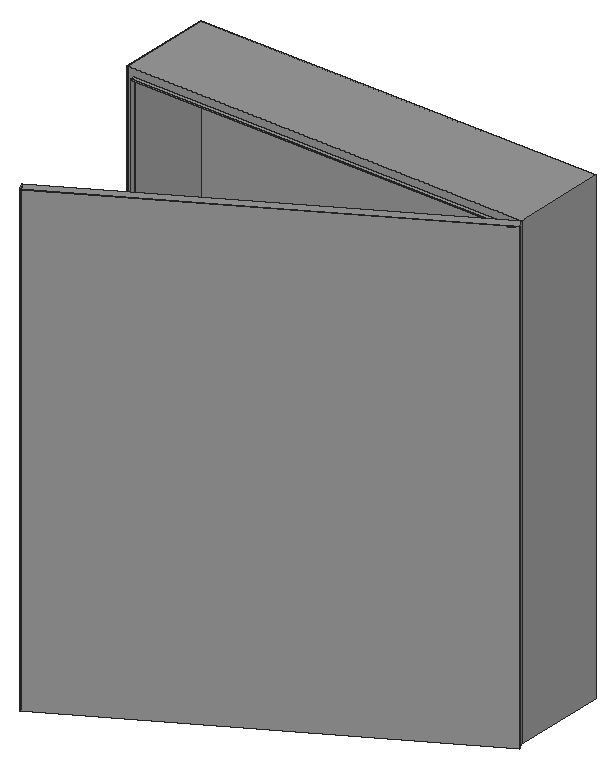
Revit family "Hager-Univers-IP54-D205-H950-Cl.II-Encl-NoHosted-CH-en", category Equipement électrique, Revit 2020
Family settings
  Configuration du panneau = Deux colonnes, circuits au sein
  Cote de connecteur circulaire = Utiliser le diamètre
  Type d'élément = Tableau de raccordement
  Basée sur le plan de construction = Oui
  Toujours verticalement = Oui
  Couper avec des vides une fois chargée = Non
  Partagée = Non
  Point de calcul de pièce = Non
Parameters (values of type "Surface mounted (plaster) IP54 W800 H950 D205  - FP63QSW")
  Width Control [instance] = if([EF000008 - Width] > Min Width, [EF000008 - Width], Min Width)  # 800 mm
  Commentaires du type = [HG000003 - Range]  # "Univers"
  Thickness Door [instance] = if([EF009171 - Material plate thickness door/cover] > 3 mm, 3 mm, [EF009171 - Material plate thickness door/cover])  # 1 mm
  Seal Frame Offset [instance] = 17 mm  # constant formula
  Plinth Visibility [instance] = [HG000027 - Plinth height] > 0 mm  # no
  Min Width [instance] = 100 mm  # constant formula
  Min Depth [instance] = (2 * [EF009170 - Material plate thickness cabinet]) + 1 mm  # 3 mm
  Min Height [instance] = 100 mm  # constant formula
  Internal Frame Depth [instance] = (Door System Depth * 0.5)  # 9 mm
  Panel Name [instance] = ""  # (empty or 0)
  Model = ""
  HG000027 - Plinth height = 0 mm
  HG000026 - Floor standing = no
  HG000024 - Bottom section height = 600 mm
  HG000023 - Double section enclosure = no
  HG000016 - Door 3d visibility [instance] = yes
  HG000015 - Clearance visibility [instance] = no
  HG000014 - Door on the right [instance] = yes
  HG000013 - Door on the left [instance] = not([HG000014 - Door on the right])  # no
  HG000012 - Door swing angle [instance] = 30.00°
  HG000010 - Asymmetric doors = no
  HG000009 - Double swing door = no
  HG000006 - Flush mounted = no
  HG000004 - Manufacturer reference = "FP63QSW"
  HG000003 - Range = "Univers"
  HG000002 - With door or cover = yes
  Frame Offset Bottom [instance] = 10 mm  # constant formula
  Frame Offset [instance] = 15 mm  # constant formula
  EF015940 - Cover with overpressure release = no
  EF011959 - Degree of protection (NEMA) = ""
  EF009554 - Number of openings for flange plates = 6
  EF009212 - Cover model = "EV000116 - Closed"
  EF009171 - Material plate thickness door/cover = 1 mm
  EF009170 - Material plate thickness cabinet = 1 mm
  EF008873 - Nominal current (In) = 250 A
  EF007800 - Suitable for lightning protection = no
  EF006306 - With lock = no
  EF006244 - Transparent cover/door = no
  EF005474 - Degree of protection (IP) = "EV006419 - IP54"
  EF004464 - Type of door = "EV002646 - Single"
  EF004427 - Number of modules = 216
  EF004293 - Impact strength = "EV006815 - IK09"
  EF003532 - Suitable for outdoor use = no
  EF002950 - Width in number of modular spacings = 36
  EF001613 - Circuit integrity = "EV000494 - None"
  EF001596 - Material housing = "EV000179 - Steel"
  EF001131 - Internal depth = 143 mm
  EF001088 - Extension possible = yes
  EF000437 - Number of conduit inlets = 6
  EF000339 - Type of cover = "EV001012 - Cover"
  EF000266 - Number of rows = 6
  EF000218 - Built-in depth = 0 mm
  EF000118 - With mounting plate = no
  EF000116 - RAL-number = "9010"
  EF000049 - Depth = 205 mm
  EF000040 - Height = 950 mm
  EF000008 - Width = 800 mm
  EF000007 - Colour = "EV000202 - White"
  EF000003 - Mounting method = "EV000384 - Surface mounted (plaster)"
  Door System Leaf Tolerance [instance] = 1.5 mm  # constant formula
  Door System Depth [instance] = 18 mm  # constant formula
  Door Height [instance] = Height Control - [HG000027 - Plinth height]  # 950 mm
  Description = ""
  Default Elevation = 1219.2 mm
  Connector Offset [instance] = Height Control / 2  # 475 mm
  Fabricant = "Hager"  # constant formula
  Height Control [instance] = if([EF000040 - Height] > Min Height, [EF000040 - Height], Min Height)  # 950 mm
  Depth Control [instance] = if([EF000049 - Depth] > Min Depth, [EF000049 - Depth], Min Depth)  # 205 mm
  Bottom Top Plate Trim [instance] = 1.5 mm  # constant formula
  Plinth height Ctrl [instance] = if([HG000027 - Plinth height] > 0 mm, [HG000027 - Plinth height], 12 mm)  # 12 mm
Types (5, lengths in mm): name | Width Control | HG000010 - Asymmetric doors | HG000009 - Double swing door | HG000004 - Manufacturer reference | EF009554 - Number of openings for flange plates | EF004464 - Type of door | EF004427 - Number of modules | EF002950 - Width in number of modular spacings | EF001131 - Internal depth | EF000437 - Number of conduit inlets | EF000339 - Type of cover | EF000008 - Width
  Surface mounted (plaster) IP54 W1050 H950 D205  - FP64QSW | 1050 | no | no | "FP64QSW" | 8 | "EV003602 - Double" | 288 | 48 | 143 | 8 | "EV001012 - Cover" | 1050
  Surface mounted (plaster) IP54 W1300 H950 D205  - FP65QSW | 1300 | yes | yes | "FP65QSW" | 10 | "EV003602 - Double" | 360 | 60 | 130 | 10 | "EV004216 - Door" | 1300
  Surface mounted (plaster) IP54 W300 H950 D205  - FP61QSW | 300 | no | no | "FP61QSW" | 2 | "EV002646 - Single" | 72 | 12 | 130 | 2 | "EV004216 - Door" | 300
  Surface mounted (plaster) IP54 W550 H950 D205  - FP62QSW | 550 | no | no | "FP62QSW" | 4 | "EV002646 - Single" | 144 | 24 | 130 | 4 | "EV001012 - Cover" | 550
  Surface mounted (plaster) IP54 W800 H950 D205  - FP63QSW | 800 | no | no | "FP63QSW" | 6 | "EV002646 - Single" | 216 | 36 | 143 | 6 | "EV001012 - Cover" | 800
Reference planes
  plane 1 "Center (Front/Back)": y = 0
  plane 2: z = 0
  plane 3 "Center (Left/Right)": x = 0
  plane 4: y = 0
  plane 5: y = 0
  plane 6: z = 0
  plane 7: x = -400
  plane 8: x = 400
  plane 9: x = 399
  plane 10: x = -399
  plane 11: z = 0
  plane 12: z = 1
  plane 13: y = -205
  plane 14: y = -1
  plane 15: x = 0
  plane 16: y = -187
  plane 17: y = -204
  plane 18: y = -186
  plane 19: x = -384
  plane 20: x = 384
  plane 21: z = 11
  plane 22: x = -383
  plane 23: x = 383
  plane 24: z = 0
  plane 25: z = 950
  plane 26: z = 950
  plane 27: z = 934
  plane 28: z = 949
Forms (mm)
  Extrusion 1, solid, material "Hager_Steel_RAL7035_Light_Grey", detail levels medium+fine
    sketch origin (-208.679, -4572, 0) x (-1, 0, 0) y (0, -1, 0)
      loop
        line (191.321, -4385) -> (-608.679, -4385) -> (-608.679, -4572) -> (191.321, -4572) -> (191.321, -4385)
    from 0 to 950
  Extrusion 2, void
    sketch origin (-350.771, -205, 1219.2) x (1, 0, 0) y (0, 0, 1)
      loop
        line (-48.229, -270.2) -> (-48.229, -1218.2) -> (749.771, -1218.2) -> (749.771, -270.2) -> (-48.229, -270.2)
    from -19 to -204
  Extrusion 3, void
    sketch origin (-290.084, -187, 1219.2) x (1, 0, 0) y (0, 0, 1)
      loop
        line (-93.916, -1208.2) -> (674.084, -1208.2) -> (674.084, -285.2) -> (-93.916, -285.2) -> (-93.916, -1208.2)
    from 0 to -1
  Extrusion 4, solid, material "Hager_Steel_RAL7035_Light_Grey", visible <- "Plinth Visibility", detail levels medium+fine
    sketch origin (0, 0, 0) x (1, 0, 0) y (0, 1, 0)
      loop
        line (-400, 0) -> (-400, -187) -> (400, -187) -> (400, 0) -> (-400, 0)
    from 0 to 12 <- "Plinth height Ctrl"
  Extrusion 5, solid, material "Hager_Steel_RAL7035_Light_Grey", detail levels coarse
    sketch origin (0, 0, 0) x (1, 0, 0) y (0, 1, 0)
      loop
        line (-400, 0) -> (-400, -205) -> (400, -205) -> (400, 0) -> (-400, 0)
    from 0 to 950 <- "Height Control"
  Sweep 6, void
    path in 3D
      loop
        line (-400, -187, 12) -> (400, -187, 12) -> (400, 0, 12) -> (-400, 0, 12) -> (-400, -187, 12)
    profile origin (-400, -93.5, 12) x (1, 0, 0) y (0, 0, 1)
      loop
        line (0, 0) -> (0, -1.5) -> (1.5, -1.5)
        arc (1.5, -1.5) -> (1.061, -0.439) -> (0, 0) r 1.5
  Extrusion 7, solid, material "Hager_Steel_RAL7035_Light_Grey", detail levels fine
    sketch origin (-400, -187, 0) x (1, 0, 0) y (0, 0, 1)
      loop
        line (16, 11) -> (784, 11) -> (784, 934) -> (16, 934) -> (16, 11)
      loop
        line (15, 10) -> (785, 10) -> (785, 935) -> (15, 935) -> (15, 10)
    from 0 to 9 <- "Internal Frame Depth"
Cuts and joins
  Extrusion 2, Extrusion 3 cuts Extrusion 1
  Sweep 6 cuts Extrusion 4
Lines and regions (mm)
  Masking region 1
    outline origin (0, 0, 0) x (1, 0, 0) y (0, 1, 0)
      loop
        line (-400, 0) -> (-400, -205) -> (400, -205) -> (400, 0) -> (-400, 0)
  Masking region 2, detail levels coarse
    outline origin (-290.084, -187, 1219.2) x (-1, 0, 0) y (0, 0, 1)
      loop
        line (-690.084, -1219.2) -> (109.916, -1219.2) -> (109.916, -269.2) -> (-690.084, -269.2) -> (-690.084, -1219.2)
  Masking region 3, detail levels coarse
    outline origin (0, 0, 0) x (0, 1, 0) y (0, 0, 1)
      loop
        line (0, 0) -> (0, 950) -> (-205, 950) -> (-205, 0) -> (0, 0)
  Masking region 4, visible <- "Plinth Visibility", detail levels medium+fine
    outline origin (0, 0, 0) x (0, 1, 0) y (0, 0, 1)
      loop
        line (-1.5, 12) -> (-185.5, 12)
        arc (-185.5, 12) -> (-185.939, 10.939) -> (-187, 10.5) r 1.5
        line (-187, 10.5) -> (-187, 0) -> (0, 0) -> (0, 10.5)
        arc (0, 10.5) -> (-1.061, 10.939) -> (-1.5, 12) r 1.5
  Masking region 5, detail levels medium+fine
    outline origin (0, 0, 594.038) x (0, 1, 0) y (0, 0, 1)
      loop
        line (0, -594.038) -> (0, 355.962) -> (-187, 355.962) -> (-187, -594.038) -> (0, -594.038)
  Masking region 6, detail levels medium+fine
    outline origin (-359.7, -187, 1211.883) x (-1, 0, 0) y (0, 0, 1)
      loop
        line (-759.7, -1211.883) -> (40.3, -1211.883) -> (40.3, -261.883) -> (-759.7, -261.883) -> (-759.7, -1211.883)
  Masking region 7, visible <- "Plinth Visibility", detail levels medium+fine
    outline origin (-320.334, -187, 1041.368) x (-1, 0, 0) y (0, 0, 1)
      loop
        line (-720.334, -1041.368) -> (79.666, -1041.368) -> (79.666, -1030.868)
        arc (79.666, -1030.868) -> (78.606, -1030.429) -> (78.166, -1029.368) r 1.5
        line (78.166, -1029.368) -> (-718.834, -1029.368)
        arc (-718.834, -1029.368) -> (-719.273, -1030.429) -> (-720.334, -1030.868) r 1.5
        line (-720.334, -1030.868) -> (-720.334, -1041.368)
  sketch lines
    curve 1: line (-400, 0, 12) -> (-400, -187, 12)
    curve 2: line (-400, -187, 12) -> (400, -187, 12)
    curve 3: line (400, 0, 12) -> (-400, 0, 12)
    curve 4: line (400, -187, 12) -> (400, 0, 12)
Dimensions and locks
  locked: plane 1 "Center (Front/Back)" to plane 5
  "EF009170 - Material plate thickness cabinet": plane 7 to plane 10
  "EF009170 - Material plate thickness cabinet": plane 8 to plane 9
  equal spacing: plane 7, plane 3 "Center (Left/Right)", plane 8
  "Width Control": plane 7 to plane 8
  "Depth Control": plane 4 to plane 13
  "EF009170 - Material plate thickness cabinet": plane 4 to plane 14
  "Height Control": plane 25 to level
  "HG000027 - Plinth height": plane 11 to level
  "EF009170 - Material plate thickness cabinet": plane 12 to plane 11
  "EF009170 - Material plate thickness cabinet": plane 17 to plane 13
  "EF009170 - Material plate thickness cabinet": plane 18 to plane 16
  "Frame Offset Bottom": plane 21 to plane 12
  "Frame Offset": plane 10 to plane 19
  "Frame Offset": plane 9 to plane 20
  "Door System Depth": plane 16 to plane 13
  "Seal Frame Offset": plane 7 to plane 22
  "Seal Frame Offset": plane 8 to plane 23
  "EF009170 - Material plate thickness cabinet": plane 26 to plane 28
  "Frame Offset": plane 28 to plane 27
  "Connector Offset": plane 2 to connector elem
  "Bottom Top Plate Trim": profile plane to Sweep 6 sketch curve
  "Bottom Top Plate Trim": Sweep 6 sketch curve to Sweep 6 sketch curve
  "Plinth height Ctrl": Masking region 4 sketch curve to level
  "Plinth height Ctrl": Masking region 7 sketch curve to level
  "Thickness Door": Extrusion 7 sketch curve to Extrusion 7 sketch curve  (x4)
  "Bottom Top Plate Trim": radius of Sweep 6 sketch curve
  "Bottom Top Plate Trim": radius of Masking region 4 sketch curve  (x2)
  "Bottom Top Plate Trim": radius of Masking region 7 sketch curve  (x2)
  aligned and locked: Extrusion 2 sketch curve to plane 12
  aligned and locked: Extrusion 2 sketch curve to plane 9
  aligned and locked: Extrusion 2 sketch curve to plane 10
  aligned and locked: Extrusion 2 to plane 14
  aligned and locked: Extrusion 1 sketch curve to plane 4
  aligned and locked: plane 8 to Extrusion 1 sketch curve
  aligned and locked: plane 7 to Extrusion 1 sketch curve
  aligned and locked: Extrusion 2 to plane 18
  aligned and locked: Extrusion 3 sketch curve to plane 19
  aligned and locked: plane 20 to Extrusion 3 sketch curve
  aligned and locked: Extrusion 3 to Extrusion 2
  aligned and locked: Extrusion 3 sketch curve to plane 21
  aligned and locked: plane 3 "Center (Left/Right)" to nested 1
  aligned and locked: Extrusion 1 sketch curve to plane 16
  aligned and locked: Extrusion 4 sketch curve to cut or joined group of Extrusion 1, Extrusion 2, Extrusion 3
  aligned and locked: Masking region 1 sketch curve to plane 7
  aligned and locked: Masking region 1 sketch curve to plane 5
  aligned and locked: Masking region 1 sketch curve to plane 8
  aligned and locked: Masking region 2 sketch curve to level
  aligned and locked: level to Masking region 3 sketch curve
  aligned and locked: plane 1 "Center (Front/Back)" to Masking region 3 sketch curve
  aligned and locked: plane 13 to Masking region 3 sketch curve
  aligned and locked: plane 5 to Masking region 4 sketch curve
  aligned and locked: Masking region 2 sketch curve to plane 8
  aligned and locked: Masking region 2 sketch curve to plane 7
  aligned and locked: plane 7 to nested 2
  aligned and locked: nested 2 to plane 5
  aligned and locked: plane 5 to Masking region 5 sketch curve
  aligned and locked: plane 26 to Masking region 5 sketch curve
  aligned and locked: Extrusion 5 sketch curve to plane 8
  aligned and locked: Extrusion 5 sketch curve to plane 7
  aligned and locked: Extrusion 5 sketch curve to plane 5
  aligned and locked: Extrusion 3 sketch curve to plane 27
  aligned and locked: Extrusion 2 sketch curve to plane 28
  aligned and locked: Masking region 2 to plane 25
  aligned and locked: Extrusion 4 to plane 16
  aligned and locked: profile plane to Sweep 6 sketch curve
  aligned and locked: Masking region 5 sketch curve to plane 24
  aligned and locked: level to Masking region 4 sketch curve
  aligned and locked: Masking region 1 to plane 13
  aligned and locked: nested 1 to plane 16
  aligned and locked: Masking region 3 to plane 25
  aligned and locked: plane 16 to Masking region 4 sketch curve
  aligned and locked: Masking region 5 sketch curve to plane 16
  aligned and locked: plane 24 to plane 11
  aligned and locked: plane 26 to plane 25
  aligned and locked: plane 26 to cut or joined group of Extrusion 1, Extrusion 2, Extrusion 3
  aligned and locked: nested 1 to plane 24
  aligned and locked: Extrusion 1 to Extrusion 3
  aligned and locked: Masking region 6 sketch curve to plane 8
  aligned and locked: Masking region 6 sketch curve to plane 24
  aligned and locked: Masking region 6 sketch curve to plane 7
  aligned and locked: Masking region 6 sketch curve to plane 26
  aligned and locked: Masking region 7 sketch curve to plane 7
  aligned and locked: level to Masking region 7 sketch curve
  aligned and locked: Masking region 7 sketch curve to plane 8
  aligned and locked: Extrusion 7 sketch curve to cut or joined group of Extrusion 1, Extrusion 2, Extrusion 3  (x4)
Automatic sketch dimensions
  plane 19 to Extrusion 3 sketch curve = 0 mm
  Extrusion 3 sketch curve to plane 20 = 0 mm
  Extrusion 3 sketch curve to plane 21 = 0 mm
  Extrusion 4 sketch curve to plane 7 = 0 mm
  Extrusion 4 sketch curve to plane 8 = 0 mm
  Extrusion 4 sketch curve to plane 16 = 0 mm
  Masking region 1 sketch curve to plane 13 = 0 mm
  Masking region 2 sketch curve to plane 25 = 0 mm
  Masking region 3 sketch curve to plane 25 = 0 mm
  Extrusion 5 sketch curve to plane 13 = 0 mm
  profile plane to Sweep 6 sketch curve = 0 mm
Nested families
  nested 1: "EC000058_Univers_Door" at (0, -187, 0), Double <- "HG000009 - Double swing door", Transparent <- "EF006244 - Transparent cover/door", Angle <- "HG000012 - Door swing angle", Door_Right <- "HG000014 - Door on the right", Assymetrical <- "HG000010 - Asymmetric doors", Door <- "HG000002 - With door or cover", Width_Ctrl <- "Width Control", 3d_Door <- "HG000016 - Door 3d visibility", Clearance <- "HG000015 - Clearance visibility", Door_Left <- "HG000013 - Door on the left", Width <- "Width Control", Door_Depth <- "Door System Depth", Leaf_Tolerance <- "Door System Leaf Tolerance", Height <- "Door Height", Lock_Visibility <- "EF006306 - With lock", Thickness <- "Thickness Door", type "EC000058_Univers_Door", detail levels medium+fine
    with min_wh 3 mm, Width_Ctrl 800 mm, Width 800 mm, Transparent no, Thickness 1 mm, Seal_Material Hager_Rubber, Lock_Visibility no, Lock_Material Hager_Plastic_RAL9005_Jet_Black, Leaf_Width 800 mm, Leaf_Tolerance_External_Sides 0 mm, Leaf_Tolerance 1.5 mm, Leaf_Offset 0 mm, Leaf_Height 947 mm, Leaf_2_Width 800 mm, Leaf_2_Offset 400 mm, Leaf_1_Width 800 mm, Leaf_1_Offset 400 mm, Height_Ctrl 950 mm, Height 950 mm, Glass_Material Hager_Glass, Double_Clearance_Ctrl no, Double no, Door_Right_Ctrl yes, Door_Right yes, Door_Material Hager_Steel_RAL7035_Light_Grey, Door_Left_Ctrl no, Door_Left no, Door_Depth 18 mm, Door yes, Clearance_Material Hager_Clearance, Clearance_Depth 800 mm, Clearance_Ctrl no, Clearance no, Assymetrical no, Angle 30.00°, 3d_Door yes
  nested 2: "Hager_Enclosure_Symbol" at (-400, 0, 0), Height <- "Depth Control", Width <- "Width Control", type "Hager_Enclosure_Symbol"
    with Width_Ctrl 800 mm, Width 800 mm, Height_Ctrl 205 mm, Height 205 mm, A_Width_Int 13.453 mm, A_Width 161.438 mm, A_Height_Ctrl 179.375 mm, A_Height 179.375 mm
Connectors
  electrical at (0, 0, 475)
    settings: on plane 1 "Center (Front/Back)", index 1, voltage 0 V, apparent load 0 VA, apparent load phase1 0 VA, apparent load phase2 0 VA, apparent load phase3 0 VA, power factor 1, load classification "Other", number of poles 1, system type 30, power factor state 1, is connector primary yes, connector utility no, sub classification motor no, connector description ""
Definition of nested family "EC000058_Univers_Door"
  Parameters (values of type "EC000058_Univers_Door")
    min_wh [instance] = (2 * Thickness) + 1 mm  # 11 mm
    Width_Ctrl [instance] = 400 mm
    Width [instance] = 500 mm
    Transparent [instance] = yes
    Thickness [instance] = 5 mm
    Seal_Material [instance] = none
    Lock_Visibility [instance] = yes
    Lock_Material [instance] = none
    Leaf_Width [instance] = if((Width_Ctrl - 2 * Leaf_Tolerance_External_Sides) > 0 mm, (Width_Ctrl - 2 * Leaf_Tolerance_External_Sides), min_wh)  # 400 mm
    Leaf_Tolerance_External_Sides [instance] = 0 mm  # constant formula
    Leaf_Tolerance [instance] = 1.5 mm
    Leaf_Offset [instance] = 0 mm  # constant formula
    Leaf_Height [instance] = if((Height_Ctrl - 2 * Leaf_Tolerance) > 0 mm, (Height_Ctrl - 2 * Leaf_Tolerance), min_wh)  # 497 mm
    Leaf_2_Width [instance] = if(and(and(Double, Assymetrical), Door_Left), (Leaf_Width / 3) - (Leaf_Tolerance / 2), if(and(and(Double, Assymetrical), Door_Right), (Leaf_Width / 3) * 2 - (Leaf_Tolerance / 2), if(and(Double, not(Assymetrical)), (Leaf_Width / 2) - Leaf_Tolerance, Leaf_Width)))  # 400 mm
    Leaf_2_Offset [instance] = if(and(Double, Assymetrical), Leaf_2_Width / 2, if(and(Double, not(Assymetrical)), Leaf_Width / 4, Leaf_Width / 2))  # 200 mm
    Leaf_1_Width [instance] = if(and(and(Double, Assymetrical), Door_Right), (Leaf_Width / 3) - (Leaf_Tolerance / 2), if(and(and(Double, Assymetrical), Door_Left), (Width / 3) * 2 - (Leaf_Tolerance / 2), if(and(Double, not(Assymetrical)), (Leaf_Width / 2) - Leaf_Tolerance, Leaf_Width)))  # 400 mm
    Leaf_1_Offset [instance] = if(and(Double, Assymetrical), Leaf_1_Width / 2, if(and(Double, not(Assymetrical)), Leaf_Width / 4, Leaf_Width / 2))  # 200 mm
    Height_Ctrl [instance] = if(Height > min_wh, Height, min_wh)  # 500 mm
    Height [instance] = 500 mm
    Glass_Material [instance] = none
    Double_Clearance_Ctrl [instance] = and(Double, Clearance)  # no
    Double [instance] = no
    Door_Right_Ctrl [instance] = and(or(Door_Right, Double), Door)  # yes
    Door_Right [instance] = yes
    Door_Material [instance] = none
    Door_Left_Ctrl [instance] = and(or(Door_Left, Double), Door)  # no
    Door_Left [instance] = no
    Door_Depth [instance] = 30 mm
    Door [instance] = yes
    Default Elevation = 1219.2 mm
    Clearance_Material [instance] = none
    Clearance_Depth [instance] = if(Leaf_1_Width > Leaf_2_Width, Leaf_1_Width, Leaf_2_Width)  # 400 mm
    Clearance_Ctrl [instance] = and(not(Double), Clearance)  # yes
    Clearance [instance] = yes
    Assymetrical [instance] = yes
    Angle [instance] = 30.00°
    3d_Door [instance] = yes
  Reference planes
    plane 1 "Center (Front/Back)": y = 0
    plane 2 "Bottom": z = 0
    plane 3 "Center (Left/Right)": x = 0
    plane 4: z = 500
    plane 5: x = -200
    plane 6: x = 200
    plane 7: z = 500
    plane 8: x = -200
    plane 9: z = 0
    plane 10: x = 200
    plane 11: y = 0
    plane 12: z = 1.5
    plane 13: x = -600
    plane 14: y = -400
    plane 15: x = 600
    plane 16: x = 0
    plane 17: x = 0
    plane 18: x = -200
    plane 19: x = 200
    plane 20: z = 498.5
  Forms (mm)
    Extrusion 1, solid, material <- "Clearance_Material", visible <- "Double_Clearance_Ctrl"
      sketch origin (1200, 0, 0) x (1, 0, 0) y (0, 0, -1)
        loop
          line (-1800, -498.5) -> (-600, -498.5) -> (-600, 0) -> (-1800, 0) -> (-1800, -498.5)
      from 0 to -400
  Dimensions and locks
    equal spacing: plane 5, plane 3 "Center (Left/Right)", plane 6
    "Width_Ctrl": plane 5 to plane 6
    "Leaf_Offset": plane 5 to plane 8
    "Leaf_Offset": plane 6 to plane 10
    "Leaf_Offset": plane 9 to level
    "Leaf_Offset": plane 4 to plane 7
    "Height_Ctrl": plane 4 to level
    "Leaf_Tolerance": plane 12 to plane 9
    locked: plane 11 to plane 1 "Center (Front/Back)"
    "Leaf_1_Offset": plane 18 to plane 16
    "Leaf_2_Offset": plane 17 to plane 19
    "Leaf_1_Width": plane 13 to plane 8
    "Leaf_2_Width": plane 10 to plane 15
    "Clearance_Depth": plane 14 to plane 1 "Center (Front/Back)"
    "Leaf_Tolerance_External_Sides": plane 8 to plane 18
    "Leaf_Tolerance_External_Sides": plane 19 to plane 10
    "Leaf_Tolerance": plane 7 to plane 20
    aligned and locked: level to plane 2 "Bottom"
    aligned and locked: nested 1 to plane 16
    aligned and locked: nested 2 to plane 17
    aligned and locked: Extrusion 1 to plane 13
    aligned and locked: plane 15 to Extrusion 1
    aligned and locked: Extrusion 1 to plane 14
    aligned and locked: plane 12 to nested 1
    aligned and locked: nested 2 to plane 12
    aligned and locked: Extrusion 1 to plane 11
    aligned and locked: plane 20 to Extrusion 1
    aligned and locked: nested 2 to plane 11
    aligned and locked: nested 1 to plane 11
  Automatic sketch dimensions
    Extrusion 1 sketch curve to level = 0 mm
    plane 5 to Extrusion 1 sketch curve = 400 mm
    plane 6 to Extrusion 1 sketch curve = 400 mm
    Extrusion 1 sketch curve to plane 4 = 1.5 mm
  Nested families
    nested 1: "EC000058_Univers_Door_Leaf" at (0, 0, 1.5), Width <- "Leaf_1_Width", visible <- "Door_Left_Ctrl", Leaf_Height <- "Leaf_Height", Angle <- "Angle", 3d_Door <- "3d_Door", Transparent <- "Transparent", Clearance Material <- "Clearance_Material", Clearance <- "Clearance_Ctrl", Door_Material <- "Door_Material", Glass_Material <- "Glass_Material", Door_Depth <- "Door_Depth", Lock_Material <- "Lock_Material", Seal_Material <- "Seal_Material", Lock_Visibility <- "Lock_Visibility", Thickness <- "Thickness", type "EC000058_Univers_Door_Leaf"
      with Width 400 mm, Transparent_Glass_Offset 30 mm, Transparent_Ctrl yes, Transparent yes, Thickness 5 mm, Standard no, Seal_Material none, Seal_D2 8 mm, Seal_D1 1 mm, Offset_Internal_Frame 10 mm, Lock_Width 20 mm, Lock_Visibility_3d yes, Lock_Visibility yes, Lock_Thickness_3 3 mm, Lock_Thickness_2 1 mm, Lock_Thickness_1 3 mm, Lock_Radius_Offset_2 16 mm, Lock_Radius_Offset_1 15 mm, Lock_Radius_2 5 mm, Lock_Radius 6 mm, Lock_Offset 5 mm, Lock_Material none, Lock_Height 80 mm, Lock_Cover_Top_Offset_2d 17 mm, Lock_Cover_Height -65 mm, Leaf_Height 497 mm, Internal_Seal_Thickness 8 mm, Internal_Seal_Depth_2 4.5 mm, Internal_Frame_Depth 25 mm, Glass_Thickness -1 mm, Glass_Offset -2 mm, Glass_Material none, Door_Material none, Door_Depth 30 mm, Clearance Material none, Clearance yes, Angle_Ctrl 30.00°, Angle 30.00°, 3d_Door yes
    nested 2: "EC000058_Univers_Door_Leaf" at (0, 0, 1.5) x (-1, 0, 0) z (0, 0, 1), Width <- "Leaf_2_Width", visible <- "Door_Right_Ctrl", Leaf_Height <- "Leaf_Height", Angle <- "Angle", 3d_Door <- "3d_Door", Transparent <- "Transparent", Clearance Material <- "Clearance_Material", Clearance <- "Clearance_Ctrl", Door_Material <- "Door_Material", Glass_Material <- "Glass_Material", Door_Depth <- "Door_Depth", Lock_Material <- "Lock_Material", Seal_Material <- "Seal_Material", Lock_Visibility <- "Lock_Visibility", Thickness <- "Thickness", type "EC000058_Univers_Door_Leaf"
      with Width 400 mm, Transparent_Glass_Offset 30 mm, Transparent_Ctrl yes, Transparent yes, Thickness 5 mm, Standard no, Seal_Material none, Seal_D2 8 mm, Seal_D1 1 mm, Offset_Internal_Frame 10 mm, Lock_Width 20 mm, Lock_Visibility_3d yes, Lock_Visibility yes, Lock_Thickness_3 3 mm, Lock_Thickness_2 1 mm, Lock_Thickness_1 3 mm, Lock_Radius_Offset_2 16 mm, Lock_Radius_Offset_1 15 mm, Lock_Radius_2 5 mm, Lock_Radius 6 mm, Lock_Offset 5 mm, Lock_Material none, Lock_Height 80 mm, Lock_Cover_Top_Offset_2d 17 mm, Lock_Cover_Height -65 mm, Leaf_Height 497 mm, Internal_Seal_Thickness 8 mm, Internal_Seal_Depth_2 4.5 mm, Internal_Frame_Depth 25 mm, Glass_Thickness -1 mm, Glass_Offset -2 mm, Glass_Material none, Door_Material none, Door_Depth 30 mm, Clearance Material none, Clearance yes, Angle_Ctrl 30.00°, Angle 30.00°, 3d_Door yes
  Definition of nested family "EC000058_Univers_Door_Leaf"
    Parameters (values of type "EC000058_Univers_Door_Leaf")
      Width [instance] = 2000 mm
      Transparent_Glass_Offset [instance] = 30 mm
      Transparent_Ctrl [instance] = and(Transparent, [3d_Door])  # yes
      Transparent [instance] = yes
      Thickness [instance] = 5 mm
      Standard [instance] = and(not(Transparent), [3d_Door])  # no
      Seal_Material [instance] = none
      Seal_D2 [instance] = 8 mm  # constant formula
      Seal_D1 [instance] = 1 mm  # constant formula
      Offset_Internal_Frame [instance] = 10 mm  # constant formula
      Lock_Width [instance] = 20 mm  # constant formula
      Lock_Visibility_3d [instance] = and(Lock_Visibility, [3d_Door])  # yes
      Lock_Visibility [instance] = yes
      Lock_Thickness_3 [instance] = 3 mm  # constant formula
      Lock_Thickness_2 [instance] = 1 mm  # constant formula
      Lock_Thickness_1 [instance] = 3 mm  # constant formula
      Lock_Radius_Offset_2 [instance] = Lock_Radius_Offset_1 + 1 mm  # 16 mm
      Lock_Radius_Offset_1 [instance] = 15 mm  # constant formula
      Lock_Radius_2 [instance] = Lock_Radius - 1 mm  # 5 mm
      Lock_Radius [instance] = 6 mm  # constant formula
      Lock_Offset [instance] = 5 mm  # constant formula
      Lock_Material [instance] = none
      Lock_Height [instance] = 80 mm  # constant formula
      Lock_Cover_Top_Offset_2d [instance] = Lock_Radius_Offset_2 + 1 mm  # 17 mm
      Lock_Cover_Height [instance] = -(Lock_Height - Lock_Radius_Offset_1)  # -65 mm
      Leaf_Height [instance] = 2720.336 mm
      Internal_Seal_Thickness [instance] = 8 mm  # constant formula
      Internal_Seal_Depth_2 [instance] = 4.5 mm  # constant formula
      Internal_Frame_Depth [instance] = if(Door_Depth - Thickness > 5 mm, Door_Depth - Thickness, 5 mm)  # 25 mm
      Glass_Thickness [instance] = if(Thickness > 15 mm, Glass_Offset + 10 mm, -1 mm)  # -1 mm
      Glass_Offset [instance] = if(Thickness > 15 mm, -(Thickness + 10 mm) / 2, -2 mm)  # -2 mm
      Glass_Material [instance] = none
      Door_Material [instance] = none
      Door_Depth [instance] = 30 mm
      Default Elevation = 0 mm
      Clearance Material [instance] = none
      Clearance [instance] = yes
      Angle_Ctrl [instance] = if(Angle > 180.00°, 180.00°, Angle)  # 90.00°
      Angle [instance] = 90.00°
      3d_Door [instance] = yes
    Reference planes
      plane 1 "Center (Front/Back)": y = 0
      plane 2: z = 0
      plane 3 "Center (Left/Right)": x = 0
      plane 4: y = 2000
      plane 5: x = -1000
      plane 6: x = 1000
      plane 7: x = -3000
      plane 8: z = 2720.336
      plane 9: z = 30
      plane 10: z = 2690.336
      plane 11: x = 970
      plane 12: x = -970
      plane 13: y = -3
      plane 14: z = 107.833
      plane 15: y = -5
      plane 16: y = -223.314
      plane 17: x = -1000
      plane 18: z = 1360.168
      plane 19: y = 30
    Forms (mm)
      Extrusion 1, solid, material <- "Clearance Material", visible <- "Clearance"
        sketch origin (0, 0, 0) x (1, 0, 0) y (0, 0, 1)
          loop
            line (-3000, 2720.336) -> (-3000, 0) -> (1000, 0) -> (1000, 2720.336) -> (-3000, 2720.336)
        from 0 to -2000
      Extrusion 2, solid, material <- "Door_Material", visible <- "Standard", detail levels medium+fine
        sketch origin (-1000, 0, 0) x (0, 1, 0) y (-1, 0, 0)
          loop
            line (0, 30) -> (0, 25) -> (2000, 25) -> (2000, 30) -> (0, 30)
        from 0 to 2720.336 <- "Leaf_Height"
      Extrusion 3, solid, material <- "Door_Material", visible <- "Transparent_Ctrl", detail levels medium+fine
        sketch origin (-1000, 0, 0) x (0, 1, 0) y (-1, 0, 0)
          loop
            line (0, 25) -> (2000, 25) -> (2000, 30) -> (0, 30) -> (0, 25)
        from 0 to 2720.336 <- "Leaf_Height"
      Extrusion 4, void
        sketch origin (-1025, 2000, 0) x (0, 1, 0) y (0, 0, -1)
          loop
            line (-30, -2690.336) -> (-30, -30) -> (-1970, -30) -> (-1970, -2690.336) -> (-30, -2690.336)
        from 0 to 5 <- "Thickness"
      Sweep 5, solid, material <- "Seal_Material", visible <- "Transparent_Ctrl", detail levels fine
        path in 3D
          loop
            line (-1025, 30, 30) -> (-1025, 30, 2690.336) -> (-1025, 1970, 2690.336) -> (-1025, 1970, 30) -> (-1025, 30, 30)
        profile origin (-1025, 1000, 30) x (1, 0, 0) y (0, 0, 1)
          loop
            line (0, 0) -> (0, -8) -> (1, -8) -> (1, 0) -> (0, 0)
      Extrusion 6, solid, material <- "Glass_Material", visible <- "Transparent_Ctrl", detail levels medium+fine
        sketch origin (-1030, 0, 0) x (0, 1, 0) y (0, 0, -1)
          loop
            line (1970, -2690.336) -> (1970, -30) -> (30, -30) -> (30, -2690.336) -> (1970, -2690.336)
        from -2 <- "Glass_Offset" to -1 <- "Glass_Thickness"
      Extrusion 7, solid, material <- "Door_Material", visible <- "3d_Door", detail levels medium+fine
        sketch origin (-1025, 2000, 0) x (0, -1, 0) y (0, 0, -1)
          loop
            line (0, -2720.336) -> (2000, -2720.336) -> (2000, 0) -> (0, 0) -> (0, -2720.336)
          loop
            line (1995, -5) -> (5, -5) -> (5, -2715.336) -> (1995, -2715.336) -> (1995, -5)
        from 0 to 25 <- "Internal_Frame_Depth"
      Sweep 8, solid, material <- "Seal_Material", visible <- "Transparent_Ctrl", detail levels fine
        path in 3D
          loop
            line (-1025, 0, 0) -> (-1025, 2000, 0) -> (-1025, 2000, 2720.336) -> (-1025, 0, 2720.336) -> (-1025, 0, 0)
        profile origin (-1025, 0, 1360.168) x (1, 0, 0) y (0, 1, 0)
          loop
            line (0, 10) -> (2.975, 10)
            arc (2.975, 10) -> (4.053, 10.447) -> (4.5, 11.525) r 1.525
            line (4.5, 11.525) -> (4.5, 16.527)
            arc (4.5, 16.527) -> (4.069, 17.569) -> (3.027, 18) r 1.473
            line (3.027, 18) -> (0, 18) -> (0, 10)
      Extrusion 9, solid, material <- "Lock_Material", visible <- "Lock_Visibility_3d", detail levels fine
        sketch origin (-1030, 0, 0) x (0, 1, 0) y (0, 0, -1)
          loop
            arc (1993.5, -1400.168) -> (1994.561, -1399.729) -> (1995, -1398.668) r 1.5
            line (1995, -1398.668) -> (1995, -1320.168) -> (1975, -1320.168) -> (1975, -1398.668)
            arc (1975, -1398.668) -> (1975.439, -1399.729) -> (1976.5, -1400.168) r 1.5
            line (1976.5, -1400.168) -> (1993.5, -1400.168)
        from 3 <- "Lock_Thickness_1" to 0
      Blend 10, solid, material <- "Lock_Material", visible <- "Lock_Visibility_3d", detail levels fine
        base sketch origin (-1033, 0, 0) x (0, 1, 0) y (0, 0, -1)
          loop
            line (1975, -1320.168) -> (1975, -1398.668)
            arc (1975, -1398.668) -> (1975.439, -1399.729) -> (1976.5, -1400.168) r 1.5
            line (1976.5, -1400.168) -> (1993.5, -1400.168)
            arc (1993.5, -1400.168) -> (1994.561, -1399.729) -> (1995, -1398.668) r 1.5
            line (1995, -1398.668) -> (1995, -1320.168) -> (1975, -1320.168)
        top sketch origin (-1033, 0, 0) x (0, 1, 0) y (0, 0, -1)
          loop
            line (1976, -1320.168) -> (1976, -1398.668)
            arc (1976, -1398.668) -> (1976.146, -1399.022) -> (1976.5, -1399.168) r 0.5
            line (1976.5, -1399.168) -> (1993.5, -1399.168)
            arc (1993.5, -1399.168) -> (1993.854, -1399.022) -> (1994, -1398.668) r 0.5
            line (1994, -1398.668) -> (1994, -1320.168) -> (1976, -1320.168)
        from 0 to 1 <- "Lock_Thickness_2"
      Blend 11, solid, material <- "Lock_Material", visible <- "Lock_Visibility_3d", detail levels fine
        base sketch origin (-1034, 0, 0) x (0, 1, 0) y (0, 0, -1)
          loop
            line (1978, -1320.168) -> (1978, -1384.168)
            arc (1978, -1384.168) -> (1985, -1391.168) -> (1992, -1384.168) r 7
            line (1992, -1384.168) -> (1992, -1320.168) -> (1978, -1320.168)
        top sketch origin (-1034, 0, 0) x (0, 1, 0) y (0, 0, -1)
          loop
            line (1991, -1320.168) -> (1979, -1320.168) -> (1979, -1383.168)
            arc (1979, -1383.168) -> (1985, -1389.168) -> (1991, -1383.168) r 6
            line (1991, -1383.168) -> (1991, -1320.168)
        from 0 to 3 <- "Lock_Thickness_3"
      Extrusion 12, solid, material <- "Lock_Material", visible <- "Lock_Visibility_3d", detail levels fine
        sketch origin (-1030, 1975, 1320.168) x (1, 0, 0) y (0, -1, 0)
          loop
            line (-7, -19) -> (-7, -1) -> (0, -1) -> (0, 0) -> (-8, 0) -> (-8, -20) -> (0, -20) -> (0, -19) -> (-7, -19)
        from 0 to -65 <- "Lock_Cover_Height"
      Extrusion 13, void
        sketch origin (-1038, 1995, 1320.168) x (-1, 0, 0) y (0, 0, -1)
          loop
            line (-5, -65) -> (0, -65) -> (-5, -60) -> (-5, -65)
        from 0 to 20 <- "Lock_Width"
      Extrusion 14, void
        sketch origin (-1038, 1975, 1320.168) x (0, -1, 0) y (0, 0, -1)
          loop
            circle (-10, -15.995) r 6
          loop
            circle (-10, -15.995) r 5
        from 0 to 2
      Extrusion 15, solid, material <- "Lock_Material", visible <- "Lock_Visibility_3d", detail levels medium
        sketch origin (-1030, 0, 0) x (0, 1, 0) y (0, 0, -1)
          loop
            arc (1993.5, -1400.168) -> (1994.561, -1399.729) -> (1995, -1398.668) r 1.5
            line (1995, -1398.668) -> (1995, -1320.168) -> (1975, -1320.168) -> (1975, -1398.668)
            arc (1975, -1398.668) -> (1975.439, -1399.729) -> (1976.5, -1400.168) r 1.5
            line (1976.5, -1400.168) -> (1993.5, -1400.168)
        from 8 to 0
    Cuts and joins
      Extrusion 4 cuts Extrusion 3
      Extrusion 13, Extrusion 14 cuts Extrusion 9
      Extrusion 14 cuts Blend 11
      Extrusion 13, Extrusion 14 cuts Extrusion 12
      joined: Extrusion 9, Blend 10, Blend 11, Extrusion 12
      Extrusion 14 cuts Extrusion 15
    Lines and regions (mm)
      Masking region 1, visible <- "Lock_Visibility", detail levels fine
        outline origin (0, 0, 0) x (0, 1, 0) y (0, 0, 1)
          loop
            line (30, 1320.168) -> (33, 1320.168) -> (33, 1400.168) -> (30, 1400.168) -> (30, 1320.168)
      Masking region 2, visible <- "Lock_Visibility", detail levels fine
        outline origin (0, 3.143, 0) x (0, 1, 0) y (0, 0, 1)
          loop
            line (29.857, 1354.168) -> (30.857, 1354.168) -> (30.857, 1366.168) -> (29.857, 1366.168) -> (29.857, 1354.168)
      Masking region 3, detail levels medium+fine
        outline origin (0, 0, 0) x (0, 1, 0) y (0, 0, 1)
          loop
            line (0, 0) -> (30, 0) -> (30, 2720.336) -> (0, 2720.336) -> (0, 0)
      Masking region 4, detail levels medium+fine
        outline origin (0, 0, 0) x (1, 0, 0) y (0, 0, 1)
          loop
            line (-1000, 2720.336) -> (-1000, 0) -> (1000, 0) -> (1000, 2720.336) -> (-1000, 2720.336)
      Masking region 5, visible <- "Lock_Visibility", detail levels fine
        outline origin (-47.116, 0, 0) x (1, 0, 0) y (0, 0, 1)
          loop
            arc (1024.616, 1399.168) -> (1023.556, 1398.729) -> (1023.116, 1397.668) r 1.5
            line (1023.116, 1397.668) -> (1023.116, 1320.168) -> (1041.116, 1320.168) -> (1041.116, 1397.668)
            arc (1041.116, 1397.668) -> (1040.677, 1398.729) -> (1039.616, 1399.168) r 1.5
            line (1039.616, 1399.168) -> (1024.616, 1399.168)
      Masking region 6, visible <- "Lock_Visibility", detail levels medium+fine
        outline origin (-25, 0, 0) x (1, 0, 0) y (0, 0, 1)
          loop
            arc (1001.5, 1400.168) -> (1000.439, 1399.729) -> (1000, 1398.668) r 1.5
            line (1000, 1398.668) -> (1000, 1320.168) -> (1020, 1320.168) -> (1020, 1398.668)
            arc (1020, 1398.668) -> (1019.561, 1399.729) -> (1018.5, 1400.168) r 1.5
            line (1018.5, 1400.168) -> (1001.5, 1400.168)
      Masking region 7, visible <- "Lock_Visibility", detail levels fine
        outline origin (-73.735, 0, 0) x (1, 0, 0) y (0, 0, 1)
          loop
            line (1051.735, 1382.168) -> (1065.735, 1382.168) -> (1065.735, 1384.168)
            arc (1065.735, 1384.168) -> (1058.735, 1391.168) -> (1051.735, 1384.168) r 7
            line (1051.735, 1384.168) -> (1051.735, 1382.168)
      Masking region 8, visible <- "Lock_Visibility", detail levels fine
        outline origin (-73.735, 0, 0) x (1, 0, 0) y (0, 0, 1)
          loop
            line (1052.735, 1382.168) -> (1064.735, 1382.168) -> (1064.735, 1383.168)
            arc (1064.735, 1383.168) -> (1058.735, 1389.168) -> (1052.735, 1383.168) r 6
            line (1052.735, 1383.168) -> (1052.735, 1382.168)
      Masking region 9, visible <- "Lock_Visibility", detail levels fine
        outline origin (-25, 0, 0) x (1, 0, 0) y (0, 0, 1)
          loop
            line (1020, 1320.168) -> (1020, 1382.168) -> (1000, 1382.168) -> (1000, 1320.168) -> (1020, 1320.168)
      Masking region 10, detail levels medium+fine
        outline origin (0, 0, 0) x (1, 0, 0) y (0, 0, 1)
          loop
            circle (985, 1335.144) r 6
      Masking region 11, detail levels fine
        outline origin (0, 0, 0) x (1, 0, 0) y (0, 0, 1)
          loop
            circle (985, 1335.144) r 5
      Masking region 12, visible <- "Lock_Visibility", detail levels fine
        outline origin (0, 12.767, 0) x (0, 1, 0) y (0, 0, 1)
          loop
            line (20.233, 1320.168) -> (21.233, 1320.168) -> (21.233, 1399.168) -> (20.233, 1400.168) -> (20.233, 1320.168)
      Masking region 13, visible <- "Lock_Visibility", detail levels fine
        outline origin (0, 13.767, -10) x (0, 1, 0) y (0, 0, 1)
          loop
            line (20.233, 1330.168) -> (23.233, 1330.168) -> (23.233, 1399.168) -> (20.233, 1402.168) -> (20.233, 1330.168)
      Masking region 14, visible <- "Lock_Visibility", detail levels fine
        outline origin (0, 12.767, -10) x (0, 1, 0) y (0, 0, 1)
          loop
            line (20.233, 1330.168) -> (25.233, 1330.168) -> (25.233, 1399.305) -> (20.233, 1394.305) -> (20.233, 1330.168)
      Masking region 15, visible <- "Lock_Visibility", detail levels medium
        outline origin (0, 0, 0) x (0, 1, 0) y (0, 0, 1)
          loop
            line (30, 1320.168) -> (38, 1320.168) -> (38, 1400.168) -> (30, 1400.168) -> (30, 1320.168)
      Masking region 16, visible <- "Lock_Visibility", detail levels fine
        outline origin (-1000, 0, 0) x (0, 1, 0) y (-1, 0, 0)
          loop
            line (1975, 30) -> (1995, 30) -> (1995, 38) -> (1975, 38) -> (1975, 30)
          loop
            line (1979, 37) -> (1976, 37) -> (1976, 34) -> (1978, 34) -> (1979, 37)
          loop
            line (1994, 37) -> (1991, 37) -> (1992, 34) -> (1994, 34) -> (1994, 37)
      Masking region 17, visible <- "Lock_Visibility", detail levels medium
        outline origin (-1000, 0, 0) x (0, 1, 0) y (-1, 0, 0)
          loop
            line (1975, 30) -> (1995, 30) -> (1995, 38) -> (1975, 38) -> (1975, 30)
      symbolic lines
        curve 1: line (1000, 0, 0) -> (-3000, 0, 0)
        curve 2: arc (1000, 0, 0) -> (-1000, 2000, 0) -> (-3000, 0, 0) r 2000
        curve 4: line (-1030, 0, 0) -> (-1030, 2000, 0)
      reference lines
        curve 3: line (-1000, 0, 0) -> (-1000, 2000, 0)
      symbolic lines, detail levels medium+fine
        curve 5: line (-1030, 2000, 0) -> (-1025, 2000, 0)
        curve 7: line (-1025, 0, 0) -> (-1030, 0, 0)
        curve 8: line (-1025, 0, 0) -> (-1000, 0, 0)
        curve 9: line (-1000, 0, 0) -> (-1000, 2000, 0)
        curve 10: line (-1000, 2000, 0) -> (-1025, 2000, 0)
      symbolic lines, detail levels fine
        curve 6: line (-1025, 2000, 0) -> (-1025, 0, 0)
      sketch lines
        curve 11: line (-1025, 0, 2720.336) -> (-1025, 0, 0)
        curve 12: line (-1025, 2000, 0) -> (-1025, 0, 0)
        curve 13: line (-1025, 2000, 2720.336) -> (-1025, 2000, 0)
        curve 14: line (-1025, 0, 2720.336) -> (-1025, 2000, 2720.336)
        curve 15: line (-1025, 1970, 30) -> (-1025, 30, 30)
        curve 16: line (-1025, 30, 30) -> (-1025, 30, 2690.336)
        curve 17: line (-1025, 1970, 2690.336) -> (-1025, 1970, 30)
        curve 18: line (-1025, 30, 2690.336) -> (-1025, 1970, 2690.336)
      symbolic lines, visible <- "Transparent", detail levels medium+fine
        curve 19: line (-970, 0, 2690.336) -> (970, 0, 2690.336)
        curve 20: line (-970, 0, 30) -> (-970, 0, 2690.336)
        curve 21: line (970, 0, 30) -> (-970, 0, 30)
        curve 22: line (970, 0, 2690.336) -> (970, 0, 30)
    Dimensions and locks
      "Width": plane 1 "Center (Front/Back)" to plane 4
      equal spacing: plane 5, plane 3 "Center (Left/Right)", plane 6
      "Width": plane 5 to plane 6
      "Width": plane 7 to plane 5
      "Leaf_Height": plane 8 to level
      "Width": curve 5 to curve 3
      "Width": curve 3 to curve 3
      plane 8 to plane 10 = 30 mm
      plane 9 to level = 30 mm
      plane 12 to plane 5 = 30 mm
      plane 6 to plane 11 = 30 mm
      Extrusion 1 to Extrusion 4 sketch curve = 30 mm
      "Transparent_Glass_Offset": curve 3 to Extrusion 4 sketch curve
      "Transparent_Glass_Offset": Extrusion 4 sketch curve to cut or joined group of Extrusion 3, Extrusion 4  (x2)
      cut or joined group of Extrusion 3, Extrusion 4 to Extrusion 6 sketch curve = 30 mm
      "Transparent_Glass_Offset": cut or joined group of Extrusion 3, Extrusion 4 to Extrusion 4 sketch curve
      "Thickness": curve 6 to curve 4
      "Thickness": Extrusion 7 sketch curve to Extrusion 7 sketch curve  (x4)
      "Door_Depth": curve 4 to curve 3
      "Offset_Internal_Frame": profile plane to Sweep 8 sketch curve
      "Internal_Seal_Thickness": Sweep 8 sketch curve to Sweep 8 sketch curve
      "Internal_Seal_Depth_2": profile plane to Sweep 8 sketch curve
      "Seal_D1": profile plane to Sweep 5 sketch curve
      "Seal_D2": profile plane to Sweep 5 sketch curve
      "Thickness": Extrusion 2 sketch curve to Extrusion 2 sketch curve
      equal spacing: Extrusion 9 sketch curve, plane 18, Extrusion 9 sketch curve  (x2)
      equal spacing: Masking region 1 sketch curve, plane 18, Masking region 1 sketch curve
      "Lock_Height": Masking region 1 sketch curve to Masking region 1 sketch curve
      "Lock_Radius": Masking region 2 sketch curve to plane 18 to Masking region 2 sketch curve
      Masking region 2 sketch curve to Masking region 1 = 1 mm
      "Door_Depth": plane 19 to plane 1 "Center (Front/Back)"
      "Lock_Thickness_1": Masking region 1 sketch curve to plane 19
      "Lock_Width": Extrusion 9 sketch curve to Extrusion 9 sketch curve
      "Lock_Height": Extrusion 9 sketch curve to Extrusion 9 sketch curve
      "Lock_Offset": cut or joined group of Extrusion 3, Extrusion 4 to Extrusion 9 sketch curve
      equal spacing: plane 8, plane 18, level
      "Lock_Radius_Offset_1": Blend 11 sketch curve to Blend 10
      locked: Blend 10 to Blend 11 sketch curve at 2  (x2)
      locked: var sketch to Blend 11 sketch curve at 1  (x2)
      "Lock_Radius_Offset_2": Blend 11 sketch curve to Blend 10
      locked: Extrusion 12 sketch curve to Extrusion 12 sketch curve at 1  (x3)
      Masking region 6 sketch curve to Masking region 6 sketch curve = 80 mm
      "Lock_Height": Masking region 6 sketch curve to Masking region 6 sketch curve
      "Lock_Width": Masking region 6 sketch curve to Masking region 6 sketch curve
      locked: Masking region 6 to Masking region 5 sketch curve at 1  (x3)
      locked: Masking region 5 to Masking region 7 sketch curve at 2  (x2)
      "Lock_Radius_Offset_1": Masking region 5 to Masking region 7 sketch curve
      "Lock_Radius_Offset_2": Masking region 5 to Masking region 8 sketch curve
      locked: Masking region 7 to Masking region 8 sketch curve at 1  (x2)
      "Lock_Cover_Top_Offset_2d": Masking region 5 to Masking region 9 sketch curve
      equal spacing: Masking region 9, Masking region 10 sketch curve, Masking region 9
      equal spacing: Masking region 9, Masking region 11 sketch curve, Masking region 9
      Extrusion 15 sketch curve to Extrusion 15 sketch curve = 80 mm
      "Lock_Width": Extrusion 15 sketch curve to Extrusion 15 sketch curve
      "Lock_Height": Extrusion 15 sketch curve to Extrusion 15 sketch curve
      equal spacing: Extrusion 15 sketch curve, plane 18, Extrusion 15 sketch curve
      "Lock_Thickness_3": Masking region 13 sketch curve to Masking region 13 sketch curve
      "Lock_Height": Masking region 12 sketch curve to Masking region 12 sketch curve
      locked: Masking region 13 sketch curve to Masking region 1 at 8
      locked: Masking region 14 sketch curve to Masking region 13 at 1
      locked: Masking region 14 sketch curve to Masking region 1 at 10.863
      "Lock_Height": Masking region 15 sketch curve to Masking region 15 sketch curve
      "Lock_Offset": Extrusion 15 sketch curve to cut or joined group of Extrusion 3, Extrusion 4
      "Lock_Offset": plane 6 to Masking region 6 sketch curve
      radius of Sweep 8 sketch curve = 1.525 mm
      radius of Sweep 8 sketch curve = 1.473 mm
      radius of Extrusion 9 sketch curve = 1.5 mm  (x2)
      "Lock_Radius": radius of Extrusion 14 sketch curve
      "Lock_Radius_2": radius of Extrusion 14 sketch curve
      "Lock_Radius": radius of Masking region 10 sketch curve
      "Lock_Radius_2": radius of Masking region 11 sketch curve
      radius of Extrusion 15 sketch curve = 1.5 mm  (x2)
      "Angle_Ctrl": angle plane 1 "Center (Front/Back)" to curve 3
      locked: Masking region 12 sketch curve to Masking region 12 sketch curve (angle 45.00°)
      locked: Masking region 13 sketch curve to Masking region 13 sketch curve (angle 45.00°)
      locked: Masking region 14 sketch curve to Masking region 14 sketch curve (angle 45.00°)
      aligned and locked: level to plane 2
      aligned and locked: Extrusion 1 to curve 1
      aligned and locked: plane 6 to Extrusion 1
      aligned and locked: Extrusion 1 to plane 1 "Center (Front/Back)"
      aligned and locked: plane 4 to Extrusion 1
      aligned and locked: plane 8 to Extrusion 1
      aligned and locked: curve 7 to Extrusion 2 sketch curve
      aligned and locked: curve 5 to Extrusion 2 sketch curve
      aligned and locked: curve 7 to Extrusion 3 sketch curve
      aligned and locked: Extrusion 3 sketch curve to curve 4
      aligned and locked: Extrusion 3 sketch curve to curve 6
      aligned and locked: Extrusion 3 sketch curve to curve 5
      aligned and locked: curve 9 to curve 3
      aligned and locked: Extrusion 7 sketch curve to cut or joined group of Extrusion 3, Extrusion 4  (x4)
      aligned and locked: plane 17 to curve 3
      aligned and locked: plane 1 "Center (Front/Back)" to curve 3
      aligned and locked: plane 17 to plane 5
      aligned and locked: Sweep 8 sketch curve to profile plane
      aligned and locked: Sweep 5 sketch curve to profile plane  (x2)
      aligned and locked: Masking region 1 to Masking region 2 sketch curve
      aligned and locked: plane 19 to Masking region 1 sketch curve
      aligned and locked: plane 1 "Center (Front/Back)" to Masking region 3 sketch curve
      aligned and locked: plane 19 to Masking region 3 sketch curve
      aligned and locked: level to Masking region 3 sketch curve
      aligned and locked: Masking region 3 sketch curve to plane 8
      aligned and locked: plane 17 to Masking region 4 sketch curve
      aligned and locked: level to Masking region 4 sketch curve
      aligned and locked: Masking region 4 sketch curve to plane 8
      aligned and locked: plane 12 to curve 20
      aligned and locked: plane 10 to curve 19
      aligned and locked: plane 11 to curve 22
      aligned and locked: curve 21 to plane 9
      aligned and locked: Extrusion 2 sketch curve to cut or joined group of Extrusion 3, Extrusion 4
      aligned and locked: Blend 10 sketch curve to Extrusion 9  (x4)
      aligned and locked: Extrusion 9 to Blend 10 sketch curve
      aligned and locked: Blend 10 to Blend 11 sketch curve
      aligned and locked: Extrusion 12 sketch curve to Blend 11
      aligned and locked: Extrusion 12 sketch curve to Extrusion 9  (x4)
      aligned and locked: Masking region 5 sketch curve to Masking region 6
      aligned and locked: Masking region 9 sketch curve to Masking region 6  (x3)
      aligned and locked: Masking region 12 sketch curve to Masking region 1
      aligned and locked: Masking region 13 sketch curve to Masking region 1
      aligned and locked: Masking region 12 to Masking region 14
      aligned and locked: Masking region 14 sketch curve to Masking region 1
      aligned and locked: Masking region 15 sketch curve to Masking region 14
      aligned and locked: Masking region 13 sketch curve to Masking region 12
      aligned and locked: Masking region 16 sketch curve to cut or joined group of Extrusion 14, Extrusion 15  (x4)
      aligned and locked: Masking region 16 sketch curve to cut or joined group of Extrusion 9, Blend 10, Blend 11, Extrusion 12, Extrusion 13, Extrusion 14  (x6)
      aligned and locked: cut or joined group of Extrusion 9, Blend 10, Blend 11, Extrusion 12, Extrusion 13, Extrusion 14 to Masking region 16 sketch curve
      aligned and locked: Masking region 17 sketch curve to cut or joined group of Extrusion 14, Extrusion 15  (x3)
      aligned and locked: Masking region 17 sketch curve to cut or joined group of Extrusion 9, Blend 10, Blend 11, Extrusion 12, Extrusion 13, Extrusion 14
      aligned and locked: Masking region 9 to Masking region 8 sketch curve
      aligned and locked: Masking region 9 to Masking region 7 sketch curve
    Automatic sketch dimensions
      plane 1 "Center (Front/Back)" to curve 2 = 0 mm
      curve 2 to plane 5 = 0 mm
      Extrusion 1 sketch curve to level = 0 mm
      Extrusion 1 sketch curve to plane 7 = 0 mm
      Extrusion 1 sketch curve to plane 6 = 0 mm
      Extrusion 1 sketch curve to plane 8 = 0 mm
      Extrusion 3 to Extrusion 6 sketch curve = 30 mm  (x4)
      Masking region 4 sketch curve to plane 6 = 0 mm
      Blend 10 sketch curve to Extrusion 9 = 1.5 mm
      Blend 10 sketch curve to Extrusion 9 = 1 mm
      Extrusion 13 sketch curve to Extrusion 12 = 0 mm  (x2)
      Extrusion 12 to Extrusion 13 sketch curve = 3 mm
      Extrusion 13 sketch curve to Extrusion 12 = 5 mm
      Extrusion 14 sketch curve to Extrusion 14 sketch curve = 0 mm  (x2)
      Extrusion 14 sketch curve to Extrusion 12 = 10 mm
      Extrusion 14 sketch curve to Extrusion 12 = 15.995 mm
      Masking region 5 sketch curve to Masking region 5 sketch curve = 1.5 mm  (x2)
      Masking region 10 sketch curve to plane 18 = 25.024 mm
      Masking region 11 sketch curve to plane 18 = 25.024 mm
      plane 19 to Masking region 14 sketch curve = 3 mm
      Masking region 16 sketch curve to Masking region 16 sketch curve = 3 mm
      curve 4 to curve 3 = 0 mm
      Blend 10 to Blend 11 sketch curve = 0 mm
      Masking region 6 sketch curve to Masking region 6 sketch curve = 1.5 mm  (x2)
      Masking region 6 sketch curve to plane 18 = 40 mm
      plane 19 to Masking region 12 sketch curve = 3 mm
      Masking region 12 sketch curve to Masking region 12 sketch curve = 1 mm
      Masking region 15 sketch curve to plane 19 = 0 mm
      Masking region 15 sketch curve to plane 18 = 40 mm
      radius of Blend 10 sketch curve to Extrusion 9 = 1 mm
Definition of nested family "Hager_Enclosure_Symbol"
  Parameters (values of type "Hager_Enclosure_Symbol")
    Width_Ctrl [instance] = if(Width > 1 mm, Width, 1 mm)  # 102.27 mm
    Width [instance] = 102.27 mm
    Height_Ctrl [instance] = if(Height > 1 mm, Height, 1 mm)  # 66.5 mm
    A_Width_Int [instance] = if(A_Width / 12 > 2 mm, A_Width / 12, 2 mm)  # 4.364 mm
    A_Width [instance] = if(A_Height_Ctrl * 0.9 > 2 mm, A_Height_Ctrl * 0.9, 2 mm)  # 52.369 mm
    A_Height_Ctrl [instance] = if(A_Height > 2 mm, A_Height, 2 mm)  # 58.188 mm
    Height [instance] = 66.5 mm
    A_Height [instance] = Height - (Height / 8)  # 58.188 mm
  Reference planes
    plane 1 "Centre (avant/arrière)": y = 0
    plane 2: z = 0
    plane 3 "Centre (gauche/droite)": x = 0
    plane 4: x = 52.369
    plane 5: y = 33.042
    plane 6: y = 41.77
    plane 7: y = 66.5
    plane 8: x = 26.184
    plane 9: y = 37.406
    plane 10: x = 102.27
    plane 11: y = 66.5
    plane 12: y = 8.313
  Lines and regions (mm)
    Filled region 1, type "Solid_Black", in view "Niveau de réf."
      outline origin (0, 0, 0) x (1, 0, 0) y (0, 1, 0)
        loop
          line (52.369, 66.5) -> (33.188, 54.536) -> (45.365, 45.006) -> (52.369, 66.5)
    Filled region 2, type "Solid_Black", in view "Niveau de réf."
      outline origin (0, 0, 0) x (1, 0, 0) y (0, 1, 0)
        loop
          line (0, 0) -> (102.27, 0) -> (102.27, 66.5) -> (0, 0)
    detail lines, in view "Niveau de réf."
      curve 1: line (0, 8.313, 0) -> (26.184, 41.77, 0)
      curve 2: line (26.184, 41.77, 0) -> (26.184, 33.042, 0)
      curve 3: line (26.184, 33.042, 0) -> (52.369, 66.5, 0)
  Dimensions and locks
    "A_Width": plane 3 "Centre (gauche/droite)" to plane 4
    equal spacing: plane 3 "Centre (gauche/droite)", plane 8, plane 4
    equal spacing: plane 6, plane 9, plane 5
    equal spacing: curve 3, Filled region 1 sketch curve, Filled region 1 sketch curve
    "Height_Ctrl": plane 1 "Centre (avant/arrière)" to plane 11
    "A_Height_Ctrl": plane 11 to plane 12
    equal spacing: plane 11, plane 9, plane 12
    "A_Width_Int": plane 6 to plane 9
    "Width_Ctrl": plane 3 "Centre (gauche/droite)" to plane 10
    angle Filled region 1 sketch curve to curve 3 = 20.00°
    angle curve 3 to Filled region 1 sketch curve = 20.00°
    locked: curve 3 to Filled region 1 sketch curve (angle 90.00°)
    aligned and locked: plane 10 to Filled region 2
    aligned and locked: plane 11 to Filled region 2 sketch curve
    aligned and locked: plane 10 to Filled region 2 sketch curve
    aligned and locked: plane 3 "Centre (gauche/droite)" to curve 1
    aligned and locked: plane 12 to curve 1
    aligned and locked: plane 7 to plane 11
  Automatic sketch dimensions
    Filled region 1 sketch curve to plane 4 = 0 mm
    Filled region 1 sketch curve to plane 7 = 0 mm
    plane 1 "Centre (avant/arrière)" to Filled region 2 sketch curve = 0 mm
    Filled region 2 sketch curve to plane 3 "Centre (gauche/droite)" = 0 mm
    curve 2 to plane 6 = 0 mm
    curve 2 to plane 8 = 0 mm
    curve 3 to plane 4 = 0 mm
    curve 2 to plane 5 = 0 mm
    curve 3 to plane 7 = 0 mm
